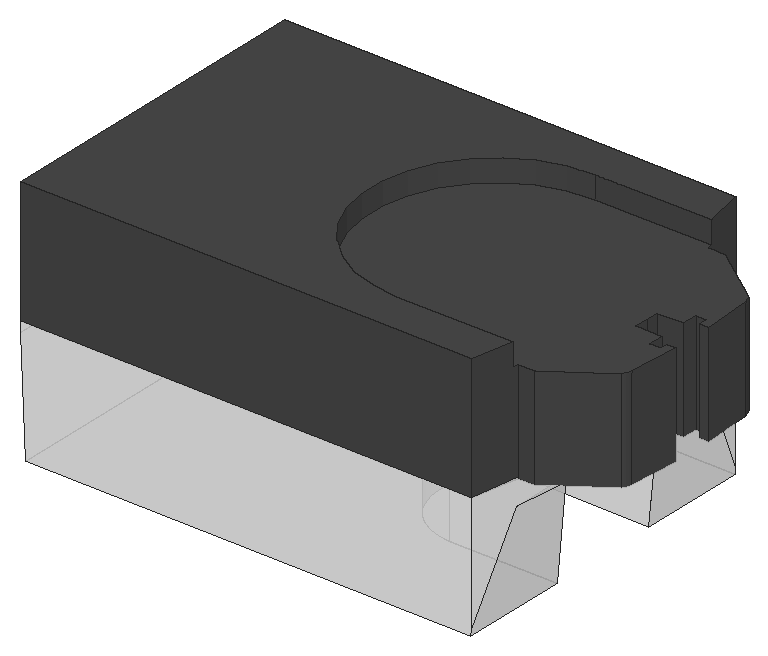
Revit family "AMEi6_RFA", category Pipe Accessories, host Face, Revit 2019
Family settings
  Host = Face
  Round Connector Dimension = Use Diameter
  Part Type = Normal
  Cut with Voids When Loaded = No
  Shared = Yes
Parameters (values of type "AMEi 6 iSET_230V_082G4300")
  Weight = 2.50 kg  # constant formula
  W = 140 mm  # constant formula
  Voltage [instance] = 230 V
  URL = "https://store.danfoss.com/en/search/?text=AMEi+6"
  Speed = "36 s/turn"  # constant formula
  Power Supply = "230 V"
  Power Consumption = "16 VA"
  Power [instance] = 16 VA
  Output Signal = "0-10V/0-20mA"  # constant formula
  Model Type = "AMEi 6 iSET_230V"
  Model = "082G4300"
  Max Operating Torque = "7 Nm"  # constant formula
  Max Medium Temperature = "Depends on valve type. No limitations for 150 °C"  # constant formula
  Manufacturer = "Danfoss"  # constant formula
  LOD 350 [instance] = not(LOD 200)  # yes
  LOD 200 [instance] = no
  L = 220 mm  # constant formula
  IfcExportType = "IfcActuatorType"  # constant formula
  IfcExportAs = "AMEi 6 iSET"
  H = 100 mm  # constant formula
  Full Stroke Time = "30 min"  # constant formula
  Description = "Actuator"  # constant formula
  Default Elevation = 0 mm
  Control Input = "0-10V/0-20mA"  # constant formula
Types (4, lengths in mm): name | Voltage | Power Supply | Power Consumption | Power | Model Type | Model | IfcExportAs
  AMEi 6 iNET_24V_082G4303 | 24 V | "24 V" | "8 VA" | 8 VA | "AMEi 6 iNET_24V" | "082G4303" | "AMEi 6 iNET"
  AMEi 6 iNET_230V_082G4302 | 230 V | "230 V" | "16 VA" | 16 VA | "AMEi 6 iNET_230V" | "082G4302" | "AMEi 6 iNET"
  AMEi 6 iSET_24V_082G4301 | 24 V | "24 V" | "8 VA" | 8 VA | "AMEi 6 iSET_24V" | "082G4301" | "AMEi 6 iSET"
  AMEi 6 iSET_230V_082G4300 | 230 V | "230 V" | "16 VA" | 16 VA | "AMEi 6 iSET_230V" | "082G4300" | "AMEi 6 iSET"
Reference planes
  plane 1 "Center (Front/Back)": y = 0
  plane 2: z = 0
  plane 3 "Center (Left/Right)": x = 0
  plane 4: z = -100
  plane 5: y = 70
  plane 6: y = -70
  plane 7: z = -50
  plane 8: z = -9
Forms (mm)
  Extrusion 1, void
    sketch origin (0, 0, 0) x (1, 0, 0) y (0, 0, 1)
      loop
        line (-137.887, -54.186) -> (-135.553, 0) -> (-147.887, 0) -> (-147.887, -100) -> (-135.702, -100) -> (-137.887, -54.186)
    from -70 to 70
  Extrusion 2, solid, material "Danfoss Plastic White (Transparent)", visible <- "LOD 350", detail levels fine
    sketch origin (0, 0, 0) x (1, 0, 0) y (0, 1, 0)
      loop
        arc (43.479, 66.476) -> (-47.204, 70.001) -> (-137.887, 66.495) r 1171.433
        line (-137.887, 66.495) -> (-137.887, 0) -> (-137.887, -66.495)
        arc (-137.887, -66.495) -> (-47.204, -70.001) -> (43.479, -66.476) r 1171.433
        arc (43.479, -66.476) -> (51.198, 0) -> (43.479, 66.476) r 290.099
    from -100 to -50
  Extrusion 3, void
    sketch origin (0, 0, 0) x (1, 0, 0) y (0, 0, 1)
      loop
        line (42.298, -109.696) -> (88.893, -109.696) -> (88.893, -59.696) -> (47.125, -59.696) -> (42.298, -109.696)
    from -70 to 70
  Extrusion 4, void
    sketch origin (0, 0, 0) x (1, 0, 0) y (0, 1, 0)
      loop
        line (109.142, -23) -> (109.142, 23) -> (0, 23)
        arc (0, 23) -> (-23, 0) -> (0, -23) r 23
        line (0, -23) -> (109.142, -23)
    from -100 to -59.696
  Extrusion 5, solid, material "Danfoss Plastic Black", visible <- "LOD 200", detail levels fine
    sketch origin (0, 0, 0) x (1, 0, 0) y (0, 1, 0)
      loop
        arc (75.973, 31.843) -> (65.289, 40.269) -> (53.844, 47.629) r 141.387
        line (53.844, 47.629) -> (47.125, 47.954) -> (43.479, 66.476)
        arc (43.479, 66.476) -> (-47.204, 70.001) -> (-137.887, 66.495) r 1171.433
        line (-137.887, 66.495) -> (-137.887, 0) -> (-137.887, -66.495)
        arc (-137.887, -66.495) -> (-47.204, -70.001) -> (43.479, -66.476) r 1171.433
        line (43.479, -66.476) -> (47.125, -47.954) -> (53.844, -47.629)
        arc (53.844, -47.629) -> (65.289, -40.269) -> (75.973, -31.843) r 141.387
        arc (75.973, -31.843) -> (77.428, -29.551) -> (77.675, -26.848) r 5.774
        arc (77.675, -26.848) -> (79.702, 0.841) -> (77.675, 28.53) r 190.086
        arc (77.675, 28.53) -> (77.098, 30.328) -> (75.973, 31.843) r 5.774
    from -50 to 0
  Extrusion 6, solid, material "Danfoss Plastic White (Transparent)", visible <- "LOD 200", detail levels fine
    sketch origin (0, 0, -50) x (1, 0, 0) y (0, 1, 0)
      loop
        arc (75.973, 31.843) -> (65.289, 40.269) -> (53.844, 47.629) r 141.387
        line (53.844, 47.629) -> (47.125, 47.954) -> (43.479, 66.476)
        arc (43.479, 66.476) -> (-47.204, 70.001) -> (-137.887, 66.495) r 1171.433
        line (-137.887, 66.495) -> (-137.887, 0) -> (-137.887, -66.495)
        arc (-137.887, -66.495) -> (-47.204, -70.001) -> (43.479, -66.476) r 1171.433
        line (43.479, -66.476) -> (47.125, -47.954) -> (53.844, -47.629)
        arc (53.844, -47.629) -> (65.289, -40.269) -> (75.973, -31.843) r 141.387
        arc (75.973, -31.843) -> (77.428, -29.551) -> (77.675, -26.848) r 5.774
        arc (77.675, -26.848) -> (79.702, 0.841) -> (77.675, 28.53) r 190.086
        arc (77.675, 28.53) -> (77.098, 30.328) -> (75.973, 31.843) r 5.774
    from -50 to 0
  Extrusion 7, solid, material "Danfoss Plastic Black", visible <- "LOD 350", detail levels fine
    sketch origin (0, 0, 0) x (1, 0, 0) y (0, 1, 0)
      loop
        arc (75.973, 31.843) -> (65.289, 40.269) -> (53.844, 47.629) r 141.387
        line (53.844, 47.629) -> (47.125, 47.954) -> (43.479, 66.476)
        arc (43.479, 66.476) -> (-47.204, 70.001) -> (-137.887, 66.495) r 1171.433
        line (-137.887, 66.495) -> (-137.887, 0) -> (-137.887, -66.495)
        arc (-137.887, -66.495) -> (-47.204, -70.001) -> (43.479, -66.476) r 1171.433
        line (43.479, -66.476) -> (47.125, -47.954) -> (53.844, -47.629)
        arc (53.844, -47.629) -> (65.289, -40.269) -> (75.973, -31.843) r 141.387
        arc (75.973, -31.843) -> (77.098, -30.328) -> (77.675, -28.53) r 5.774
        arc (77.675, -28.53) -> (78.46, -18.435) -> (78.953, -8.321) r 349.471
        line (78.953, -8.321) -> (75.457, -8.295) -> (75.42, -11.435) -> (71.203, -11.399) -> (71.203, -5.595) -> (60.525, -5.085) -> (60.525, 0) -> (60.525, 5.085) -> (71.203, 5.595) -> (71.203, 11.399) -> (75.42, 11.435) -> (75.457, 8.295) -> (78.953, 8.321)
        arc (78.953, 8.321) -> (78.46, 18.435) -> (77.675, 28.53) r 349.471
        arc (77.675, 28.53) -> (77.098, 30.328) -> (75.973, 31.843) r 5.774
    from -50 to 0
  Extrusion 8, void
    sketch origin (0, 0, 0) x (1, 0, 0) y (0, 1, 0)
      loop
        arc (0, 50) -> (-50, 0) -> (0, -50) r 50
        line (0, -50) -> (88, -50) -> (88, 50) -> (0, 50)
    from -9 to 0
Cuts and joins
  Extrusion 1, Extrusion 3, Extrusion 4 cuts Extrusion 2
  Extrusion 8 cuts Extrusion 5
  Extrusion 8 cuts Extrusion 7
Dimensions and locks
  "H": level to plane 4
  equal spacing: plane 6, plane 1 "Center (Front/Back)", plane 5
  "W": plane 5 to plane 6
  equal spacing: level, plane 7, plane 4
  plane 4 to level = 100 mm
  locked: level to plane 8 at 9
  aligned and locked: plane 2 to host face
  aligned and locked: level to host face
  aligned and locked: Extrusion 2 to plane 4
  aligned and locked: plane 5 to Extrusion 1
  aligned and locked: Extrusion 1 to plane 6
  aligned and locked: Extrusion 3 to plane 6
  aligned and locked: level to Extrusion 5
  aligned and locked: Extrusion 5 to plane 7
  aligned and locked: Extrusion 6 to plane 4
  aligned and locked: Extrusion 6 to Extrusion 5
  aligned and locked: Extrusion 7 to plane 7
  aligned and locked: level to Extrusion 7
  aligned and locked: plane 7 to cut or joined group of Extrusion 1, Extrusion 2, Extrusion 3, Extrusion 4
  aligned and locked: Extrusion 8 to plane 8
  aligned and locked: level to Extrusion 8
Automatic sketch dimensions
  host sketch curve to host sketch curve = 2438.4 mm  (x2)
  Extrusion 1 sketch curve to level = 0 mm
  Extrusion 1 sketch curve to plane 4 = 0 mm
  Extrusion 1 sketch curve to plane 3 "Center (Left/Right)" = 147.887 mm
  Extrusion 1 sketch curve to plane 7 = 4.186 mm
  Extrusion 1 sketch curve to Extrusion 1 sketch curve = 10 mm
  Extrusion 1 sketch curve to Extrusion 1 sketch curve = 12.184 mm
  Extrusion 1 sketch curve to Extrusion 1 sketch curve = 12.334 mm
  Extrusion 3 sketch curve to plane 4 = 9.696 mm
  plane 3 "Center (Left/Right)" to Extrusion 3 sketch curve = 42.298 mm
  Extrusion 3 sketch curve to plane 7 = 9.696 mm
  plane 3 "Center (Left/Right)" to Extrusion 3 sketch curve = 47.125 mm
  Extrusion 3 sketch curve to Extrusion 3 sketch curve = 46.595 mm
  Extrusion 4 sketch curve to plane 3 "Center (Left/Right)" = 0 mm
  plane 1 "Center (Front/Back)" to Extrusion 4 sketch curve = 0 mm
  plane 1 "Center (Front/Back)" to Extrusion 4 sketch curve = 23 mm
  plane 3 "Center (Left/Right)" to Extrusion 4 sketch curve = 109.142 mm
  plane 1 "Center (Front/Back)" to Extrusion 5 sketch curve = 0 mm
  Extrusion 5 sketch curve to plane 3 "Center (Left/Right)" = 137.887 mm
  Extrusion 5 sketch curve to plane 1 "Center (Front/Back)" = 0.841 mm
  Extrusion 5 sketch curve to Extrusion 5 sketch curve = 27.503 mm
  Extrusion 5 sketch curve to plane 3 "Center (Left/Right)" = 47.327 mm  (x2)
  plane 5 to Extrusion 5 sketch curve = 4.833 mm
  Extrusion 5 sketch curve to plane 3 "Center (Left/Right)" = 16.82 mm  (x2)
  Extrusion 5 sketch curve to plane 6 = 4.833 mm
  plane 6 to Extrusion 5 sketch curve = 3.524 mm
  plane 3 "Center (Left/Right)" to Extrusion 5 sketch curve = 43.479 mm  (x2)
  Extrusion 5 sketch curve to plane 5 = 3.524 mm
  Extrusion 5 sketch curve to plane 5 = 22.046 mm
  Extrusion 5 sketch curve to Extrusion 5 sketch curve = 3.646 mm  (x2)
  plane 6 to Extrusion 5 sketch curve = 22.046 mm
  plane 6 to Extrusion 5 sketch curve = 22.371 mm
  Extrusion 5 sketch curve to Extrusion 5 sketch curve = 6.72 mm  (x2)
  Extrusion 5 sketch curve to plane 5 = 22.371 mm
  Extrusion 5 sketch curve to Extrusion 5 sketch curve = 18.118 mm  (x2)
  Extrusion 5 sketch curve to Extrusion 5 sketch curve = 1026.599 mm  (x2)
  Extrusion 5 sketch curve to Extrusion 5 sketch curve = 19.94 mm  (x2)
  Extrusion 5 sketch curve to Extrusion 5 sketch curve = 4.01 mm  (x2)
  Extrusion 5 sketch curve to Extrusion 5 sketch curve = 0 mm
  plane 1 "Center (Front/Back)" to Extrusion 6 sketch curve = 0 mm
  Extrusion 6 sketch curve to plane 3 "Center (Left/Right)" = 137.887 mm
  Extrusion 6 sketch curve to plane 1 "Center (Front/Back)" = 0.841 mm
  Extrusion 6 sketch curve to Extrusion 6 sketch curve = 27.503 mm
  Extrusion 6 sketch curve to plane 3 "Center (Left/Right)" = 47.327 mm  (x2)
  plane 5 to Extrusion 6 sketch curve = 4.833 mm
  Extrusion 6 sketch curve to plane 3 "Center (Left/Right)" = 16.82 mm  (x2)
  Extrusion 6 sketch curve to plane 6 = 4.833 mm
  plane 6 to Extrusion 6 sketch curve = 3.524 mm
  plane 3 "Center (Left/Right)" to Extrusion 6 sketch curve = 43.479 mm  (x2)
  Extrusion 6 sketch curve to plane 5 = 3.524 mm
  Extrusion 6 sketch curve to plane 5 = 22.046 mm
  Extrusion 6 sketch curve to Extrusion 6 sketch curve = 3.646 mm  (x2)
  plane 6 to Extrusion 6 sketch curve = 22.046 mm
  plane 6 to Extrusion 6 sketch curve = 22.371 mm
  Extrusion 6 sketch curve to Extrusion 6 sketch curve = 6.72 mm  (x2)
  Extrusion 6 sketch curve to plane 5 = 22.371 mm
  Extrusion 6 sketch curve to Extrusion 6 sketch curve = 18.118 mm  (x2)
  Extrusion 6 sketch curve to Extrusion 6 sketch curve = 1026.599 mm  (x2)
  Extrusion 6 sketch curve to Extrusion 6 sketch curve = 19.94 mm  (x2)
  Extrusion 6 sketch curve to Extrusion 6 sketch curve = 4.01 mm  (x2)
  Extrusion 6 sketch curve to Extrusion 6 sketch curve = 0 mm
  plane 1 "Center (Front/Back)" to Extrusion 7 sketch curve = 0 mm  (x2)
  plane 1 "Center (Front/Back)" to Extrusion 7 sketch curve = 3.624 mm
  Extrusion 7 sketch curve to plane 3 "Center (Left/Right)" = 270.314 mm
  Extrusion 7 sketch curve to Extrusion 7 sketch curve = 0 mm
  Extrusion 7 sketch curve to plane 5 = 3.505 mm
  Extrusion 7 sketch curve to plane 3 "Center (Left/Right)" = 137.887 mm
  Extrusion 7 sketch curve to plane 3 "Center (Left/Right)" = 47.327 mm  (x2)
  plane 5 to Extrusion 7 sketch curve = 4.833 mm
  Extrusion 7 sketch curve to plane 3 "Center (Left/Right)" = 16.82 mm  (x2)
  Extrusion 7 sketch curve to plane 6 = 4.833 mm
  plane 6 to Extrusion 7 sketch curve = 3.524 mm
  plane 3 "Center (Left/Right)" to Extrusion 7 sketch curve = 43.479 mm  (x2)
  Extrusion 7 sketch curve to plane 5 = 3.524 mm
  Extrusion 7 sketch curve to plane 5 = 22.046 mm
  Extrusion 7 sketch curve to Extrusion 7 sketch curve = 3.646 mm  (x2)
  plane 6 to Extrusion 7 sketch curve = 22.046 mm
  plane 6 to Extrusion 7 sketch curve = 22.371 mm
  Extrusion 7 sketch curve to Extrusion 7 sketch curve = 6.72 mm  (x2)
  Extrusion 7 sketch curve to plane 5 = 22.371 mm
  plane 1 "Center (Front/Back)" to Extrusion 7 sketch curve = 5.085 mm
  Extrusion 7 sketch curve to Extrusion 7 sketch curve = 6.681 mm
  Extrusion 7 sketch curve to plane 1 "Center (Front/Back)" = 11.399 mm
  Extrusion 7 sketch curve to Extrusion 7 sketch curve = 10.678 mm  (x2)
  plane 1 "Center (Front/Back)" to Extrusion 7 sketch curve = 5.595 mm
  plane 1 "Center (Front/Back)" to Extrusion 7 sketch curve = 11.435 mm
  Extrusion 7 sketch curve to Extrusion 7 sketch curve = 4.217 mm  (x2)
  Extrusion 7 sketch curve to plane 1 "Center (Front/Back)" = 11.435 mm
  Extrusion 7 sketch curve to plane 1 "Center (Front/Back)" = 8.295 mm
  Extrusion 7 sketch curve to Extrusion 7 sketch curve = 0.037 mm  (x3)
  plane 1 "Center (Front/Back)" to Extrusion 7 sketch curve = 8.295 mm
  Extrusion 7 sketch curve to Extrusion 7 sketch curve = 3.458 mm  (x2)
  Extrusion 7 sketch curve to plane 1 "Center (Front/Back)" = 8.321 mm
  Extrusion 7 sketch curve to Extrusion 7 sketch curve = 3.496 mm  (x2)
  plane 1 "Center (Front/Back)" to Extrusion 7 sketch curve = 8.321 mm
  Extrusion 7 sketch curve to Extrusion 7 sketch curve = 16.253 mm  (x2)
  Extrusion 7 sketch curve to plane 1 "Center (Front/Back)" = 3.624 mm
  Extrusion 7 sketch curve to Extrusion 7 sketch curve = 5.085 mm
  Extrusion 7 sketch curve to Extrusion 7 sketch curve = 2.7 mm
  Extrusion 7 sketch curve to Extrusion 7 sketch curve = 1026.599 mm
  Extrusion 7 sketch curve to Extrusion 7 sketch curve = 4.01 mm  (x2)
  plane 1 "Center (Front/Back)" to Extrusion 2 sketch curve = 0 mm  (x2)
  Extrusion 2 sketch curve to plane 3 "Center (Left/Right)" = 238.901 mm
  Extrusion 2 sketch curve to Extrusion 2 sketch curve = 101.015 mm
  Extrusion 2 sketch curve to plane 3 "Center (Left/Right)" = 47.327 mm  (x2)
  Extrusion 2 sketch curve to plane 6 = 1031.432 mm
  plane 5 to Extrusion 2 sketch curve = 1031.432 mm
  Extrusion 2 sketch curve to plane 5 = 3.505 mm
  plane 6 to Extrusion 2 sketch curve = 3.505 mm
  Extrusion 2 sketch curve to plane 5 = 3.524 mm
  Extrusion 8 sketch curve to plane 3 "Center (Left/Right)" = 0 mm
  plane 1 "Center (Front/Back)" to Extrusion 8 sketch curve = 0 mm
  plane 6 to Extrusion 8 sketch curve = 20 mm
  Extrusion 8 sketch curve to Extrusion 8 sketch curve = 88 mm
